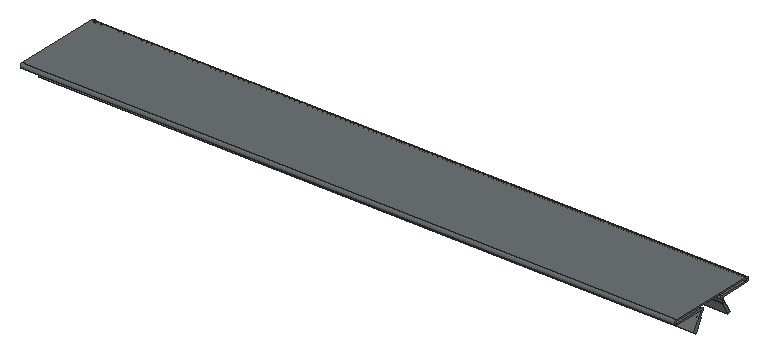
Revit family "BIMLIB_ПланкаСтыковочнаяСоставнаяВерхняя_GRANDLINE", category Обобщенные модели, Revit 2017
Family settings
  Может служить основой для арматурных стержней = Нет
  Размер круглого соединителя = Использовать диаметр
  Тип детали = Нормальный
  При загрузке вырезать с полостями = Нет
  Общий = Нет
  Точка расчета площади = Нет
Parameters (values of type "Планка стыковочная")
  Смещение от плоскости [instance] = 0 mm
  Описание = ADSK_Наименование  # "Планка стыковочная составная верхняя"
  Изготовитель = "Grand Line"  # constant formula
  built-in parameter 1001306 [instance] = 500 mm
  Watermark [instance] = "Модели защищены уникальным кодом"
  URL = "https://www.grandline.ru"
  BL_Разработано = "support@bimlib.pro"
  BL_Email = "info@grandline.ru"
  BL_BIM library = "https://bimlib.pro/manufacturer/company/22430"
  ADSK_Размер_Длина [instance] = [built-in parameter 1001306]  # 500 mm
  ADSK_Обозначение = "ГОСТ 19904-90, ГОСТ 14918-80"
  ADSK_Наименование = "Планка стыковочная составная верхняя"
  ADSK_Материал тип подсчета = 1  # constant formula
  ADSK_Материал = GL_Drap_RAL7016
  ADSK_Масса_Текст [instance] = ""
  ADSK_Масса [instance] = 0
  ADSK_Марка = ""
  ADSK_Количество [instance] = if(ADSK_Материал тип подсчета = 0, 1, if(ADSK_Материал тип подсчета = 1, ADSK_Размер_Длина / 1000 mm, 0))  # 0.5
  ADSK_Код изделия = "M12.108.01"  # constant formula
  ADSK_Завод-изготовитель = "Grand Line"  # constant formula
  ADSK_Единица измерения = "м"  # constant formula
  ADSK_Группирование = "Доборные элементы"  # constant formula
  ADSK_Версия Revit = "2017"  # constant formula
  ADSK_URL страницы изделия = "https://www.grandline.ru/planka-stykovochnaya-sostavnaya-verkhnyaya-0-45-pe-foil-ral-1014-60916.html"
  ADSK_URL документации изделия = "https://www.grandline.ru/uploads/files/chertezhi_vse/dobornye_elementy/de_saiyding_fasad/Planka-stykovocnaa-sostavnaa-verhnaa.jpg"
Reference planes
  plane 1 "По центру (Вперед/Назад)": y = 0
  plane 2: z = 0
  plane 3 "Слева": x = 0
  plane 4 "Справа": x = 500
Forms (mm)
  Sweep 1, solid, material "GL_Drap_RAL7016" <- "ADSK_Материал"
    path in 3D
      loop
        line (0, 0, 0) -> (500, 0, 0)
    profile "Профиль_ПланкаСтыковочнаяСоставнаяВерхняя : Профиль" origin (250, 0, 0) x (0, 1, 0) y (0, 0, 1)
      loop
        arc (-33.25, 26) -> (-35, 24.25) -> (-33.25, 22.5) r 1.75
        line (-33.25, 22.5) -> (-9.418, 22.5) -> (-16.918, 9.51) -> (-15.533, 8.71) -> (-10.533, 17.37) -> (-11.225, 17.77) -> (-8.721, 22.108)
        arc (-8.721, 22.108) -> (-8.721, 22.903) -> (-9.409, 23.3) r 0.795
        line (-9.409, 23.3) -> (-33.25, 23.3)
        arc (-33.25, 23.3) -> (-34.2, 24.25) -> (-33.25, 25.2) r 0.95
        line (-33.25, 25.2) -> (33.25, 25.2)
        arc (33.25, 25.2) -> (34.2, 24.25) -> (33.25, 23.3) r 0.95
        line (33.25, 23.3) -> (9.409, 23.3)
        arc (9.409, 23.3) -> (8.721, 22.903) -> (8.721, 22.108) r 0.795
        line (8.721, 22.108) -> (11.225, 17.77) -> (10.533, 17.37) -> (15.533, 8.71) -> (16.918, 9.51) -> (9.418, 22.5) -> (33.25, 22.5)
        arc (33.25, 22.5) -> (35, 24.25) -> (33.25, 26) r 1.75
        line (33.25, 26) -> (-33.25, 26)
Lines and regions (mm)
  reference lines
    curve 1: line (0, 0, 0) -> (500, 0, 0)
  sketch lines
    curve 2: line (0, 0, 0) -> (500, 0, 0)
Dimensions and locks
  "built-in parameter 1001306": plane 3 "Слева" to plane 4 "Справа"
  aligned and locked: plane 4 "Справа" to curve 1
  aligned and locked: plane 1 "По центру (Вперед/Назад)" to curve 1
  aligned and locked: plane 3 "Слева" to curve 1
  aligned and locked: level to plane 2
